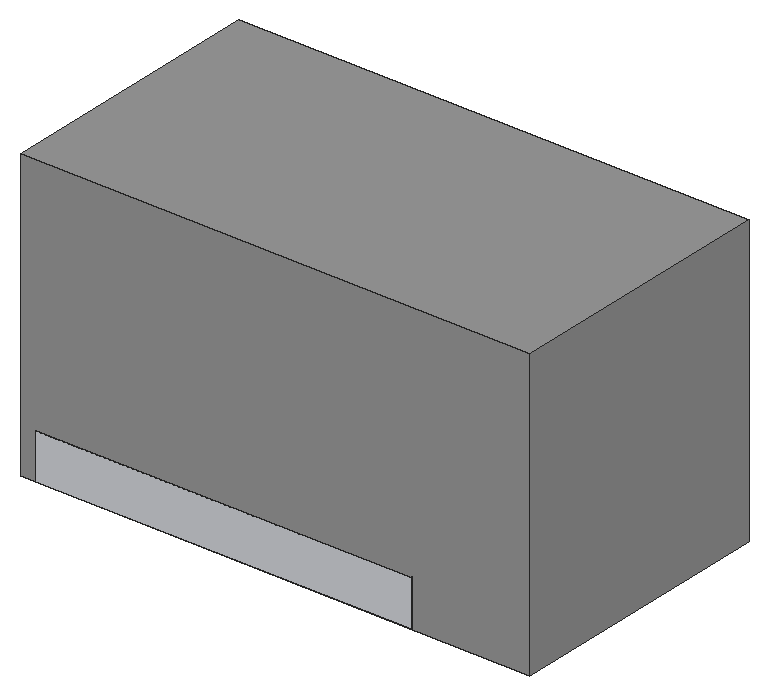
Revit family "BC_Hitachi_RPC-FSR-1.5-6.0_LOD200", category Mechanical Equipment, host Face, Revit 2018
Family settings
  Host = Face
  Round Connector Dimension = Use Diameter
  Part Type = Normal
  OmniClass Number = 23.75.70.00
  OmniClass Title = HVAC Distribution Devices
  Cut with Voids When Loaded = No
  Shared = No
  Room Calculation Point = No
Parameters (values of type "RPC-1.5FSR")
  Usage Current = 5 A
  Uniformat code = "D3040"
  Uniformat = "Distribution Systems"
  URL = ""
  Sound power max = 53
  Refrigerant Type = "R410A / R32"
  Reference = "RPC-1.5FSR"
  Product Code = "60279267"
  Overall width = 960.00 mm
  Overall height = 235.00 mm
  Overall depth = 690.00 mm
  Outlet Diameter = 25.00 mm
  OmniClass description = "Air Handling Units"
  OmniClass code = "23-33 25 00"
  Number of Poles = 1
  Nominal Voltage = 230 V
  Name BIM&CO = "Indoor Unit"
  Minimum Air Flow = 9000.0 L/min
  Minimum AC Voltage = 207 V
  Maximum Air Flow = 15000.0 L/min
  Maximum AC Voltage = 253 V
  Masterformat Code = "23 73 00"
  MasterFormat = "Indoor Central-Station Air-Handling Units"
  Mass = 26.00 kg
  Manufacturer Product Link = ""
  Liquid Diameter = 6.35 mm
  Heating Capacity = 0.004 kW
  Gas distance = 94.00 mm
  Operation and service space [instance] = yes
  Model = "RPC-FSR - Ceiling type"
  Liquid pipe Height = 117.00 mm
  Gas Diameter = 12.70 mm
  GTIN (Global Trade Item Number)  = ""
  Frequency = 50 Hz
  Drain pipe Height = 40.00 mm
  Gas pipe Height = 107.00 mm
  Fan motor type (output) = 50 W
  Manufacturer = "Hitachi Air Conditioning Europe SAS"
  Default Elevation = 1219.20 mm
  Liquid distance = 146.00 mm
  Drain distance = 222.00 mm
  Description = "RPC-FSR - Ceiling type"
  Cooling Capacity = 0.0036 kW
  Type Comments = "RPC-1.5FSR"
  Color = "Spring white (4.1Y8.5/0.7)"
  BC_VARIANT_ID = "508776"
  BC_OBJECT_VERSION = "#8"  # constant formula
  BC_OBJECT_ID = "209120"  # constant formula
  BC_MODEL_ID = ""  # constant formula
  Air Flow(HiH/Hi/Me/low) m3/min = "15/13/11/9"
  Acoustic Pressure Level Mini = 28
  Acoustic Pressure Level Maxi = 37
Types (7, lengths in mm): name | Sound power max | Reference | Product Code | Overall width | Minimum Air Flow | Maximum Air Flow | Mass | Liquid Diameter | Heating Capacity | Gas Diameter | Fan motor type (output) | Cooling Capacity | Type Comments | BC_VARIANT_ID | Air Flow(HiH/Hi/Me/low) m3/min | Acoustic Pressure Level Mini | Acoustic Pressure Level Maxi
  RPC-1.5FSR | 53 | "RPC-1.5FSR" | "60279267" | 960.00 | 9000.0 L/min | 15000.0 L/min | 26.00 kg | 6.35 | 0.004 kW | 12.70 | 50 W | 0.0036 kW | "RPC-1.5FSR" | "508776" | "15/13/11/9" | 28 | 37
  RPC-2.0FSR | 54 | "RPC-2.0FSR" | "60279268" | 960.00 | 9000.0 L/min | 15000.0 L/min | 27.00 kg | 6.35 | 0.0056 kW | 15.88 | 50 W | 0.005 kW | "RPC-2.0FSR" | "508778" | "15/13/11/9" | 28 | 38
  RPC-2.5FSR | 54 | "RPC-2.5FSR" | "60279269" | 1270.00 | 11500.0 L/min | 19000.0 L/min | 35.00 kg | 9.52 | 0.0063 kW | 15.88 | 80 W | 0.0056 kW | "RPC-2.5FSR" | "508782" | "19/16.5/14/11.5" | 28 | 38
  RPC-3.0FSR | 56 | "RPC-3.0FSR" | "60279270" | 1270.00 | 12500.0 L/min | 21000.0 L/min | 35.00 kg | 9.52 | 0.008 kW | 15.88 | 80 W | 0.0071 kW | "RPC-3.0FSR" | "508779" | "21/18.5/15.5/12.5" | 29 | 40
  RPC-6.0FSR | 65 | "RPC-6.0FSR" | "60279273" | 1580.00 | 21000.0 L/min | 37000.0 L/min | 41.00 kg | 9.52 | 0.016 kW | 15.88 | 160 W | 0.014 kW | "RPC-6.0FSR" | "508780" | "37/32.5/27/21" | 36 | 49
  RPC-5.0FSR | 64 | "RPC-5.0FSR" | "60279272" | 1580.00 | 20000.0 L/min | 35000.0 L/min | 41.00 kg | 9.52 | 0.014 kW | 15.88 | 160 W | 0.0125 kW | "RPC-6.0FSR" | "508781" | "35/31/25.5/20" | 35 | 48
  RPC-4.0FSR | 60 | "RPC-4.0FSR" | "60279271" | 1580.00 | 17000.0 L/min | 30000.0 L/min | 41.00 kg | 9.52 | 0.0112 kW | 15.88 | 160 W | 0.01 kW | "RPC-4.0FSR" | "508777" | "30/26.5/22/17" | 32 | 44
Reference planes
  plane 1 "Centre (avant/arrière)": y = 0
  plane 2: z = 0
  plane 3 "Centre (gauche/droite)": x = 0
  plane 4 "AVANT": y = 345
  plane 5 "DROITE": x = 480
  plane 6 "GAUCHE": x = -480
  plane 7 "ARRIERE": y = -345
  plane 8 "Profondeur": z = 235
  plane 9 "A": x = -520
  plane 10 "B": x = 780
  plane 11: y = 353
  plane 12 "L2": z = 735
Forms (mm)
  Extrusion 1, solid
    sketch origin (0, 0, 0) x (1, 0, 0) y (0, 1, 0)
      loop
        line (-480, 345) -> (-480, -345) -> (480, -345) -> (480, 345) -> (-480, 345)
    from 0 to 235
  Sweep 2, void
    path in 3D
      loop
        line (-480, -345, 235) -> (480, -345, 235)
    profile origin (0, -345, 235) x (0, 1, 0) y (0, 0, 1)
      loop
        arc (0, -117.5) -> (41.957, -51.905) -> (100, 0) r 287.025
        line (100, 0) -> (0, 0) -> (0, -117.5)
  Extrusion 3, solid
    sketch origin (0, 345, 0) x (-1, 0, 0) y (0, 0, 1)
      loop
        circle (386, 128) r 6.35
      loop
        circle (334, 118) r 3.175
    from 0 to 10
  Extrusion 4, solid
    sketch origin (0, 345, 0) x (-1, 0, 0) y (0, 0, 1)
      loop
        circle (258, 195) r 12.5
    from 0 to 10
  Extrusion 5, solid, material "Operation and service space", visible <- "Operation and service space"
    sketch origin (0, 0, 0) x (1, 0, 0) y (0, 1, 0)
      loop
        line (-520, 353) -> (-520, -345) -> (780, -345) -> (780, 353) -> (-520, 353)
    from 0 to 735
Cuts and joins
  Sweep 2 cuts Extrusion 1
Lines and regions (mm)
  sketch lines
    curve 1: line (-480, -345, 235) -> (480, -345, 235)
  model lines, style "MechanicalEquipmentHiddenLines", visible <- "Operation and service space"
    curve 2: line (-520, 353, 0) -> (780, 353, 0)
    curve 3: line (-520, -345, 0) -> (-520, 353, 0)
    curve 4: line (780, -345, 0) -> (-520, -345, 0)
    curve 5: line (780, 353, 0) -> (780, -345, 0)
    curve 6: line (-520, 353, 735) -> (780, 353, 735)
    curve 7: line (-520, -345, 735) -> (-520, 353, 735)
    curve 8: line (780, -345, 735) -> (-520, -345, 735)
    curve 9: line (780, 353, 735) -> (780, -345, 735)
    curve 10: line (-520, -345, 735) -> (-520, -345, 0)
    curve 11: line (-520, 353, 735) -> (-520, 353, 0)
    curve 12: line (780, -345, 0) -> (780, -345, 735)
    curve 13: line (780, 353, 735) -> (780, 353, 0)
    curve 14: line (-520, 55, 735) -> (780, 55, 735)
Dimensions and locks
  equal spacing: plane 6 "GAUCHE", plane 3 "Centre (gauche/droite)", plane 5 "DROITE"
  equal spacing: plane 7 "ARRIERE", plane 1 "Centre (avant/arrière)", plane 4 "AVANT"
  "Overall width": plane 6 "GAUCHE" to plane 5 "DROITE"
  "Overall depth": plane 4 "AVANT" to plane 7 "ARRIERE"
  "Overall height": plane 8 "Profondeur" to plane 2
  "Liquid distance": plane 6 "GAUCHE" to Extrusion 3 sketch curve
  "Gas distance": plane 6 "GAUCHE" to Extrusion 3 sketch curve
  "Drain distance": plane 6 "GAUCHE" to Extrusion 4 sketch curve
  "Drain pipe Height": plane 8 "Profondeur" to Extrusion 4 sketch curve
  "Liquid pipe Height": Extrusion 3 sketch curve to plane 8 "Profondeur"
  "Gas pipe Height": Extrusion 3 sketch curve to plane 8 "Profondeur"
  locked: plane 9 "A" to plane 6 "GAUCHE" at 40
  locked: plane 5 "DROITE" to plane 10 "B" at 300
  locked: plane 11 to cut or joined group of Extrusion 1, Sweep 2 at 8
  locked: plane 12 "L2" to cut or joined group of Extrusion 1, Sweep 2 at 500
  locked: plane 7 "ARRIERE" to curve 14 at 400
  "Liquid Diameter": diameter of Extrusion 3 sketch curve
  "Gas Diameter": diameter of Extrusion 3 sketch curve
  "Outlet Diameter": diameter of Extrusion 4 sketch curve
  aligned and locked: plane 2 to host face
  aligned and locked: level to host face
  aligned and locked: Extrusion 1 sketch curve to plane 4 "AVANT"
  aligned and locked: Extrusion 1 sketch curve to plane 6 "GAUCHE"
  aligned and locked: Extrusion 1 sketch curve to plane 7 "ARRIERE"
  aligned and locked: Extrusion 1 sketch curve to plane 5 "DROITE"
  aligned and locked: plane 8 "Profondeur" to Extrusion 1
  aligned and locked: curve 2 to plane 11
  aligned and locked: plane 9 "A" to curve 3
  aligned and locked: curve 4 to plane 7 "ARRIERE"
  aligned and locked: curve 5 to plane 10 "B"
  aligned and locked: Extrusion 5 sketch curve to curve 2
  aligned and locked: Extrusion 5 sketch curve to curve 3
  aligned and locked: Extrusion 5 sketch curve to curve 4
  aligned and locked: Extrusion 5 sketch curve to curve 5
  aligned and locked: plane 12 "L2" to Extrusion 5
Automatic sketch dimensions
  host sketch curve to host sketch curve = 2438.40 mm  (x2)
  Sweep 2 sketch curve to profile plane = 0.00 mm  (x2)
  Sweep 2 sketch curve to profile plane = 260.537 mm
  Sweep 2 sketch curve to profile plane = 237.931 mm
  Sweep 2 sketch curve to profile plane = 100.00 mm
  curve 9 to plane 10 "B" = 0.00 mm
  plane 7 "ARRIERE" to curve 8 = 0.00 mm
  curve 7 to plane 9 "A" = 0.00 mm
  curve 7 to plane 11 = 0.00 mm
  curve 10 to level = 0.00 mm
  curve 10 to plane 7 "ARRIERE" = 0.00 mm
  curve 11 to level = 0.00 mm
  curve 11 to plane 11 = 0.00 mm
  curve 11 to plane 12 "L2" = 0.00 mm
  curve 10 to plane 12 "L2" = 0.00 mm
  curve 12 to plane 7 "ARRIERE" = 0.00 mm
  curve 13 to level = 0.00 mm
  curve 13 to plane 11 = 0.00 mm
  curve 12 to level = 0.00 mm
  curve 13 to plane 12 "L2" = 0.00 mm
  curve 12 to plane 12 "L2" = 0.00 mm
Connectors
  piping at (-386, 355, 128), diameter 12.7, driven by "Gas Diameter"
    settings: on Extrusion 3, index 1, connector inside diameter 609.6 mm, connector length 0.00 mm, flow factor 0, pipe flow 0.0 L/s, pressure drop 0.0 Pa, fitting loss kfactor 0, connector angle 0.00°, fixture units 0, engagement length 0.00 mm, angle of deflection 0.00°, flow configuration 0, flow direction 0, fitting loss method 0, system type 29, joint type 0, gender type 0, connector reference index -1, connector utility 0, adjustable connector no, is connector primary yes, connector description ""
  piping at (-334, 355, 118), diameter 6.35, driven by "Liquid Diameter"
    settings: on Extrusion 3, index 2, connector inside diameter 609.6 mm, connector length 0.00 mm, flow factor 0, pipe flow 0.0 L/s, pressure drop 0.0 Pa, fitting loss kfactor 0, connector angle 0.00°, fixture units 0, engagement length 0.00 mm, angle of deflection 0.00°, flow configuration 0, flow direction 0, fitting loss method 0, system type 29, joint type 0, gender type 0, connector reference index -1, connector utility 0, adjustable connector no, is connector primary no, connector description ""
  piping at (-258, 355, 195), diameter 25, driven by "Outlet Diameter"
    settings: on Extrusion 4, index 3, connector inside diameter 609.6 mm, connector length 0.00 mm, flow factor 0, pipe flow 0.0 L/s, pressure drop 0.0 Pa, fitting loss kfactor 0, connector angle 0.00°, fixture units 0, engagement length 0.00 mm, angle of deflection 0.00°, flow configuration 0, flow direction 2, fitting loss method 0, system type 16, joint type 0, gender type 0, connector reference index -1, connector utility 0, adjustable connector no, is connector primary no, connector description ""
  electrical at (0, 345, 117.5), driven by "Nominal Voltage"
    settings: on cut or joined group of Extrusion 1, Sweep 2, index 4, voltage 230 V, apparent load 0 VA, apparent load phase1 0 VA, apparent load phase2 0 VA, apparent load phase3 0 VA, power factor 1, load classification "Autre", number of poles 1, system type 31, power factor state 1, is connector primary yes, connector utility no, sub classification motor no, connector description ""
